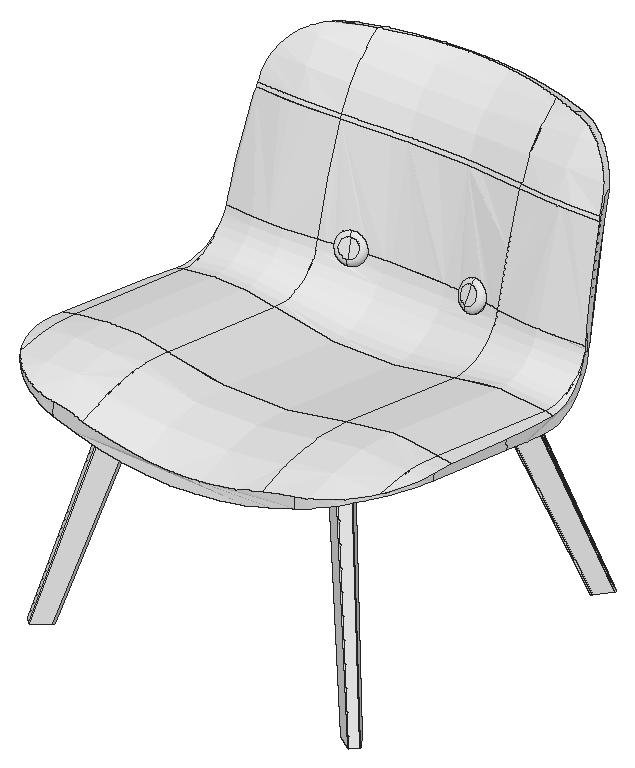
Revit family "HighTower_Eyes_Lounge_WoodLeg", category Furniture, Revit 2015 (continued)
Definition of nested family "HighTower_Eyes_Seat2"
  Automatic sketch dimensions
    curve 27 to curve 29 = 0' - 0"  (x2)
    curve 27 to plane 9 = 0' - 0.45821"
    curve 27 to plane 7 = 0' - 2.26149"
    plane 9 to curve 28 = 0' - 0.41843"
    curve 27 to curve 28 = 0' - 0.15333"
    curve 27 to curve 29 = 0' - 0.36222"
    curve 23 to plane 7 = 0' - 0.89503"
    curve 23 to curve 29 = 0' - 0.0457"
    curve 29 to plane 9 = 0' - 0.0392"
    curve 29 to plane 7 = 0' - 0.69773"
    plane 7 to curve 26 = 0' - 0.03685"
    plane 7 to curve 31 = 0' - 0.08255"
    plane 7 to curve 31 = 0' - 1.49929"
    curve 30 to curve 32 = 0' - 2.42992"
    curve 22 to plane 9 = 0' - 1.80426"
    curve 32 to curve 22 = 0' - 0.03268"
    curve 33 to plane 9 = 0' - 0.44851"
    curve 33 to plane 1 "Center Front/Back" = 0' - 1.98882"
    curve 33 to curve 25 = 0' - 0.03268"
    curve 25 to plane 1 "Center Front/Back" = 0' - 2.34616"
    curve 25 to curve 25 = 0' - 3.37604"
    curve 34 to plane 9 = 0' - 2.8002"
    curve 21 to curve 34 = 0' - 0.33987"
    curve 24 to plane 8 = 0' - 1.59348"
    curve 21 to curve 34 = 0' - 0.39286"
    curve 24 to plane 6 "t" = 0' - 0.26615"
    plane 8 to curve 24 = 0' - 0.51086"
    curve 35 to plane 6 "t" = 0' - 0.50212"
    curve 24 to curve 35 = 0' - 0.51174"
    plane 8 to curve 36 = 0' - 1.29173"
    curve 36 to curve 24 = 0' - 0.06029"
    curve 35 to plane 6 "t" = 0' - 0.40762"
    curve 35 to curve 35 = 0' - 0.96106"
    level to curve 26 = 0' - 7.84992"
    curve 28 to plane 9 = 0' - 0.36115"
    curve 33 to curve 25 = 0' - 0.37357"
    curve 30 to curve 23 = 0' - 0.3722"
    curve 24 to curve 35 = 0' - 2.90328"
    curve 24 to curve 36 = 0' - 0.16648"
